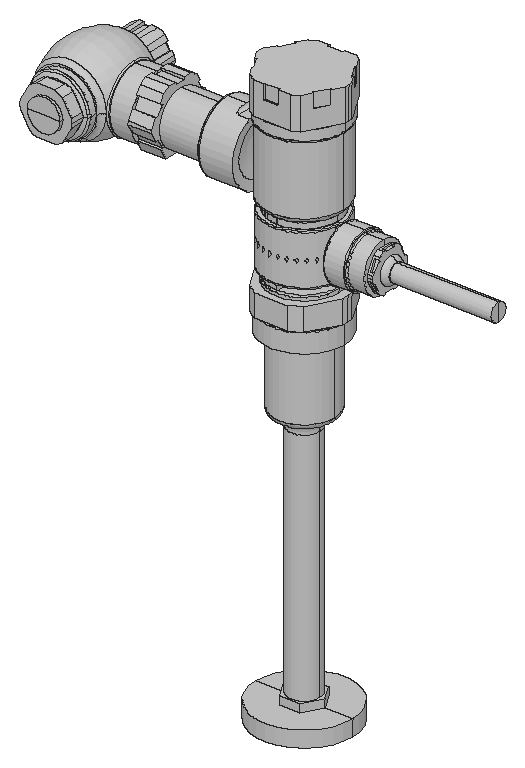
Revit family "SG0077453061BO", category Aparatos sanitarios, Revit 2019
Family settings
  Cota de conector redondo = Diámetro de uso
  Tipo de pieza = Normal
  Número OmniClass = 23.45.00.00
  Título OmniClass = Sanitary, Laundry, and Cleaning Equipment
  Se basa en plano de trabajo = Sí
  Siempre vertical = Sí
  Corte con vacíos al cargar = No
  Compartido = No
  Punto de cálculo de habitación = No
Parameters (values of type "FLUXÓMETRO SLOAN GEM2 186 HEU PARA URINARIO")
  Ø sanitario = 20 mm
  _EDESA_Revisado = "Calidad.Planos@edesa.com.ec"
  _EDESA_ Vida útil del cartucho = "150.000 ciclos"
  _EDESA_ Tolerancia dimensional = ""
  _EDESA_ Tipo de instalación = "Entrada superior de urinario"
  _EDESA_ Tipo = "simple"
  _EDESA_ Sku/código = "SG0077453061BO"
  _EDESA_ Profundidad en cm = 100 mm
  _EDESA_ Productos necesarios para instalación = ""
  _EDESA_ Productos incluídos = ""
  _EDESA_ Presión del agua recomendada = "35 psi (241 kPa) a 125 psi (860 kPa)"
  _EDESA_ Peso en kg = 0.00 kg
  _EDESA_ Nombre = "FLUXÓMETRO SLOAN GEM2 186 HEU PARA URINARIO"
  _EDESA_ Materiales = "Latón"
  _EDESA_ Marca = "BRIGGS"
  _EDESA_ Manual de Instalación = ""
  _EDESA_ Garantía = "De por vida para el cuerpo principal y acabado en cromo (306)"
  _EDESA_ Ficha Técnica = "https://www.briggs.com.ec/productos/fichastecnicaspdf/Briggs/Institucional/Fluxometro_GEM2_186_HEU_urinario.pdf"
  _EDESA_ Descripción = "Fluxómetro para urinario de entrada superior, de gran duración y cierre hermético, resistentes para lugares de alto tráfico."
  _EDESA_ Cumple normativa ADA = ""
  _EDESA_ Contacto comercial = "(02) 395 2900"
  _EDESA_ Consumo/capacidad de agua en L = ""
  _EDESA_ Consumo de agua = "1.9 litros por descarga"
  _EDESA_ Conexión hidráulica = "Entrada de agua: tubería ø 3/4\""
  _EDESA_ Color = "cromo"
  _EDESA_ Certificación = "Cumple con la norma ASME A112.1037 - 2015 / CSA B125.37-15 Performance"
  _EDESA_ Categoría = "Productos > Grifería > Institucional"
  _EDESA_ BIM Manager = "Ing. Evelyn Gavilanez"
  _EDESA_ Autor BIM = "http://www1.veraquintana.net/_sitevq/"
  _EDESA_ Ancho en cm = 260 mm
  _EDESA_ Alto en cm = 360 mm
  Uniformat II Description = ""
  Omniclass Code = ""
  Default Elevation = 1219.2 mm
  Cromo = Cromo
Reference planes
  plane 1 "Centro (Frontal/Posterior)": y = 0
  plane 2: z = 0
  plane 3 "Centro (Izquierda/Derecha)": x = 0
  plane 4 "x": y = 0
  plane 5 "y": x = 0
  plane 6 "cl": z = 306.042
Forms (mm)
  Revolve 1, solid, material "Cromo" <- "Cromo"
    sketch origin (0, 0, 0) x (1, 0, 0) y (0, 0, 1)
      loop
        line (0, 0) -> (0, 10) -> (-30, 10) -> (-30, 0) -> (0, 0)
      axis (0, 10) -> (0, 0)
    angle from 0 to 360
  Extrusion 2, solid, material "Cromo" <- "Cromo"
    sketch origin (0, 0, 0) x (1, 0, 0) y (0, 1, 0)
      loop
        line (-6.351, 11) -> (-12.702, 0) -> (-6.351, -11) -> (6.351, -11) -> (12.702, 0) -> (6.351, 11) -> (-6.351, 11)
    from 10 to 14.858
  Revolve 3, solid, material "Cromo" <- "Cromo"
    sketch origin (0, 0, 0) x (1, 0, 0) y (0, 0, 1)
      loop
        line (0, 14.858) -> (0, 162.058) -> (-9.655, 162.058) -> (-9.655, 14.858) -> (0, 14.858)
      axis (0, 162.058) -> (0, 14.858)
    angle from 0 to 360
  Revolve 4, solid, material "Cromo" <- "Cromo"
    sketch origin (0, 0, 0) x (1, 0, 0) y (0, 0, 1)
      loop
        line (0, 162.058) -> (0, 169.859) -> (-15.992, 169.859)
        arc (-15.992, 169.859) -> (-11.435, 167.086) -> (-9.655, 162.058) r 7.953
        line (-9.655, 162.058) -> (0, 162.058)
      axis (0, 169.859) -> (0, 162.058)
    angle from 0 to 360
  Revolve 5, solid, material "Cromo" <- "Cromo"
    sketch origin (0, 0, 0) x (1, 0, 0) y (0, 0, 1)
      loop
        line (0, 169.859) -> (0, 215.459) -> (-18.992, 215.459) -> (-18.992, 172.859)
        arc (-18.992, 172.859) -> (-18.113, 170.737) -> (-15.992, 169.859) r 3
        line (-15.992, 169.859) -> (0, 169.859)
      axis (0, 215.459) -> (0, 169.859)
    angle from 0 to 360
  Revolve 6, solid, material "Cromo" <- "Cromo"
    sketch origin (0, 0, 0) x (1, 0, 0) y (0, 0, 1)
      loop
        line (0, 227.959) -> (-24.462, 227.959)
        arc (-24.462, 227.959) -> (-24.837, 227.803) -> (-24.992, 227.428) r 0.53
        line (-24.992, 227.428) -> (-24.992, 215.459) -> (0, 215.459) -> (0, 227.959)
      axis (0, 227.959) -> (0, 215.459)
    angle from 0 to 360
  Revolve 7, solid, material "Cromo" <- "Cromo"
    sketch origin (0, 0, 0) x (1, 0, 0) y (0, 0, 1)
      loop
        line (0, 227.959) -> (0, 228.759) -> (-24.492, 228.759) -> (-24.492, 227.959) -> (0, 227.959)
      axis (0, 228.759) -> (0, 227.759)
    angle from 0 to 360
  Extrusion 8, solid, material "Cromo" <- "Cromo"
    sketch origin (0, 0, 0) x (1, 0, 0) y (0, 1, 0)
      loop
        circle (0, 0) r 27
    from 228.759 to 242.859
  Extrusion 9, void
    sketch origin (0, 0, 0) x (1, 0, 0) y (0, 1, 0)
      loop
        line (-14.434, 25) -> (-28.868, 0) -> (-14.434, -25) -> (14.434, -25) -> (28.868, 0) -> (14.434, 25) -> (-14.434, 25)
      loop
        line (-17.321, 30) -> (-34.641, 0) -> (-17.321, -30) -> (17.321, -30) -> (34.641, 0) -> (17.321, 30) -> (-17.321, 30)
    from 228.459 to 242.859
  Revolve 10, solid, material "Cromo" <- "Cromo"
    sketch origin (0, 0, 0) x (1, 0, 0) y (0, 0, 1)
      loop
        line (0, 242.859) -> (0, 244.859) -> (-21.492, 244.859) -> (-21.492, 242.859) -> (0, 242.859)
      axis (0, 244.859) -> (0, 242.859)
    angle from 0 to 360
  Revolve 11, solid, material "Cromo" <- "Cromo"
    sketch origin (0, 0, 0) x (1, 0, 0) y (0, 0, 1)
      loop
        line (0, 244.859) -> (0, 245.659) -> (-20.992, 245.659)
        arc (-20.992, 245.659) -> (-21.02, 245.12) -> (-21.492, 244.859) r 0.556
        line (-21.492, 244.859) -> (0, 244.859)
      axis (0, 245.659) -> (0, 244.659)
    angle from 0 to 360
  Revolve 12, solid, material "Cromo" <- "Cromo"
    sketch origin (0, 0, 0) x (1, 0, 0) y (0, 0, 1)
      loop
        line (0, 245.659) -> (0, 287.739) -> (-20.992, 287.739) -> (-20.992, 245.659) -> (0, 245.659)
      axis (0, 287.739) -> (0, 245.659)
    angle from 270 to 450
  Revolve 13, solid, material "Cromo" <- "Cromo"
    sketch origin (0, 0, 0) x (1, 0, 0) y (0, 0, 1)
      loop
        line (24.958, 266.687) -> (37.958, 266.687) -> (37.958, 282.687)
        arc (37.958, 282.687) -> (37.811, 283.041) -> (37.458, 283.187) r 0.5
        line (37.458, 283.187) -> (25.458, 283.187)
        arc (25.458, 283.187) -> (25.104, 283.041) -> (24.958, 282.687) r 0.5
        line (24.958, 282.687) -> (24.958, 266.687)
      axis (24.958, 266.687) -> (37.958, 266.687)
    angle from 0 to 360
  Extrusion 14, solid, material "Cromo" <- "Cromo"
    sketch origin (0, 0, -1.641) x (0, -1, 0) y (0, 0, 1)
      loop
        circle (0, 268.356) r 13
    from -52.958 to -48.958
  Revolve 15, solid, material "Cromo" <- "Cromo"
    sketch origin (0, 0, 0) x (1, 0, 0) y (0, 0, 1)
      loop
        line (37.958, 266.687) -> (48.958, 266.687) -> (48.958, 281.687) -> (38.958, 281.687)
        arc (38.958, 281.687) -> (38.251, 281.98) -> (37.958, 282.687) r 1
        line (37.958, 282.687) -> (37.958, 266.687)
      axis (37.958, 266.687) -> (48.958, 266.687)
    angle from 0 to 360
  Extrusion 16, void
    sketch origin (0, 0, -1.641) x (0, -1, 0) y (0, 0, 1)
      loop
        line (-11.021, 287.416) -> (-22.041, 268.328) -> (-11.021, 249.239) -> (11.021, 249.239) -> (22.041, 268.328) -> (11.021, 287.416) -> (-11.021, 287.416)
      loop
        line (-6.967, 280.397) -> (-13.934, 268.329) -> (-6.967, 256.262) -> (6.967, 256.262) -> (13.934, 268.329) -> (6.967, 280.397) -> (-6.967, 280.397)
    from -46.016 to -57.255
  Extrusion 17, void
    sketch origin (0, 0, -1.641) x (0, -1, 0) y (0, 0, 1)
      loop
        line (3.031, 280.993) -> (-3.538, 280.993) -> (-3.538, 279.592) -> (3.031, 279.592) -> (3.031, 280.993)
    from -73.359 to -50.807
  Extrusion 18, void
    sketch origin (0, -232.38, 132.524) x (0, -0.5, 0.866025) y (0, 0.866025, 0.5)
      loop
        line (3.031, 280.993) -> (-3.538, 280.993) -> (-3.538, 279.592) -> (3.031, 279.592) -> (3.031, 280.993)
    from -73.359 to -50.807
  Extrusion 19, void
    sketch origin (0, -232.38, 400.853) x (0, 0.5, 0.866025) y (0, 0.866025, -0.5)
      loop
        line (3.031, 280.993) -> (-3.538, 280.993) -> (-3.538, 279.592) -> (3.031, 279.592) -> (3.031, 280.993)
    from -73.359 to -50.807
  Extrusion 20, void
    sketch origin (0, 0, 535.018) x (0, 1, 0) y (0, 0, -1)
      loop
        line (3.031, 280.993) -> (-3.538, 280.993) -> (-3.538, 279.592) -> (3.031, 279.592) -> (3.031, 280.993)
    from -73.359 to -50.807
  Extrusion 21, void
    sketch origin (0, 232.38, 400.853) x (0, 0.5, -0.866025) y (0, -0.866025, -0.5)
      loop
        line (3.031, 280.993) -> (-3.538, 280.993) -> (-3.538, 279.592) -> (3.031, 279.592) -> (3.031, 280.993)
    from -73.359 to -50.807
  Extrusion 22, void
    sketch origin (0, 232.38, 132.524) x (0, -0.5, -0.866025) y (0, -0.866025, 0.5)
      loop
        line (3.031, 280.993) -> (-3.538, 280.993) -> (-3.538, 279.592) -> (3.031, 279.592) -> (3.031, 280.993)
    from -73.359 to -50.807
  Revolve 23, solid, material "Cromo" <- "Cromo"
    sketch origin (0, 0, 0) x (1, 0, 0) y (0, 0, 1)
      loop
        line (52.958, 266.715) -> (56.958, 266.715) -> (56.958, 272.187)
        arc (56.958, 272.187) -> (55.316, 274.011) -> (52.958, 274.687) r 4.45
        line (52.958, 274.687) -> (52.958, 266.715)
      axis (52.958, 266.715) -> (56.958, 266.715)
    angle from 0 to 360
  Revolve 24, solid, material "Cromo" <- "Cromo"
    sketch origin (0, 0, 0) x (1, 0, 0) y (0, 0, 1)
      loop
        line (56.958, 266.715) -> (119.958, 266.715) -> (119.958, 272.187) -> (56.958, 272.187) -> (56.958, 266.715)
      axis (56.958, 266.715) -> (119.958, 266.715)
    angle from 0 to 360
  Revolve 25, solid, material "Cromo" <- "Cromo"
    sketch origin (0, 0, 0) x (1, 0, 0) y (0, 0, 1)
      loop
        line (24.958, 266.687) -> (24.958, 281.687) -> (23.958, 281.687) -> (23.958, 266.687) -> (24.958, 266.687)
      axis (23.958, 266.687) -> (24.958, 266.687)
    angle from 0 to 360
  Revolve 26, solid, material "Cromo" <- "Cromo"
    sketch origin (0, 0, 0) x (1, 0, 0) y (0, 0, 1)
      loop
        line (0, 245.659) -> (12.038, 245.659) -> (12.038, 248.801)
        arc (12.038, 248.801) -> (12.527, 250.112) -> (13.756, 250.781) r 2
        arc (13.756, 250.781) -> (14.854, 250.898) -> (15.958, 250.937) r 15.619
        line (15.958, 250.937) -> (20.965, 250.937)
        arc (20.965, 250.937) -> (23.958, 266.696) -> (20.958, 282.453) r 42.934
        line (20.958, 282.453) -> (20.958, 285.937)
        arc (20.958, 285.937) -> (21.458, 287.26) -> (22.708, 287.921) r 2
        line (22.708, 287.921) -> (0, 287.921) -> (0, 245.659)
      axis (0, 287.921) -> (0, 245.659)
    angle from 0 to 360
  Revolve 27, solid, material "Cromo" <- "Cromo"
    sketch origin (0, 0, 0) x (1, 0, 0) y (0, 0, 1)
      loop
        line (23.458, 282.437) -> (0, 282.437) -> (0, 250.937) -> (23.458, 250.937)
        arc (23.458, 250.937) -> (23.811, 251.083) -> (23.958, 251.437) r 0.5
        line (23.958, 251.437) -> (23.958, 281.937)
        arc (23.958, 281.937) -> (23.811, 282.291) -> (23.458, 282.437) r 0.5
      axis (0, 250.937) -> (0, 282.437)
    angle from 0 to 360
  Revolve 28, solid, material "Cromo" <- "Cromo"
    sketch origin (0, 0, 0) x (1, 0, 0) y (0, 0, 1)
      loop
        line (0, 287.921) -> (22.708, 287.921)
        arc (22.708, 287.921) -> (23.958, 288.583) -> (24.458, 289.906) r 2
        line (24.458, 289.906) -> (24.458, 332.437)
        arc (24.458, 332.437) -> (24.605, 332.791) -> (24.958, 332.937) r 0.5
        line (24.958, 332.937) -> (0, 332.937) -> (0, 287.921)
      axis (0, 332.937) -> (0, 287.921)
    angle from 0 to 360
  Revolve 29, solid, material "Cromo" <- "Cromo"
    sketch origin (0, 0, 0) x (1, 0, 0) y (0, 0, 1)
      loop
        line (0, 332.937) -> (24.958, 332.937)
        arc (24.958, 332.937) -> (25.312, 333.083) -> (25.458, 333.437) r 0.5
        line (25.458, 333.437) -> (25.458, 339.937) -> (0, 339.937) -> (0, 332.937)
      axis (0, 339.937) -> (0, 332.937)
    angle from 0 to 360
  Extrusion 30, solid, material "Cromo" <- "Cromo"
    sketch origin (0, 0, 0) x (1, 0, 0) y (0, 1, 0)
      loop
        circle (0, 0.254) r 27.5
    from 339.937 to 359.937
  Extrusion 31, void
    sketch origin (0, 0, 0) x (1, 0, 0) y (0, 1, 0)
      loop
        line (-14.434, 25.254) -> (-28.868, 0.254) -> (-14.434, -24.746) -> (14.434, -24.746) -> (28.868, 0.254) -> (14.434, 25.254) -> (-14.434, 25.254)
      loop
        line (-20.207, 35.254) -> (-40.415, 0.254) -> (-20.207, -34.746) -> (20.207, -34.746) -> (40.415, 0.254) -> (20.207, 35.254) -> (-20.207, 35.254)
    from 339.937 to 359.937
  Extrusion 32, void
    sketch origin (0, 0, 0) x (1, 0, 0) y (0, 1, 0)
      loop
        line (5.021, 23.862) -> (5.021, 27.147) -> (-4.223, 27.147) -> (-4.223, 23.862) -> (5.021, 23.862)
    from 351.26 to 373.398
  Extrusion 33, void
    sketch origin (0, 0, 0) x (0.5, -0.866025, 0) y (0.866025, 0.5, 0)
      loop
        line (5.021, 23.862) -> (5.021, 27.147) -> (-4.223, 27.147) -> (-4.223, 23.862) -> (5.021, 23.862)
    from 351.26 to 373.398
  Extrusion 34, void
    sketch origin (0, 0, 0) x (-0.5, -0.866025, 0) y (0.866025, -0.5, 0)
      loop
        line (5.021, 23.862) -> (5.021, 27.147) -> (-4.223, 27.147) -> (-4.223, 23.862) -> (5.021, 23.862)
    from 351.26 to 373.398
  Extrusion 35, void
    sketch origin (0, 0, 0) x (-1, 0, 0) y (0, -1, 0)
      loop
        line (5.021, 23.862) -> (5.021, 27.147) -> (-4.223, 27.147) -> (-4.223, 23.862) -> (5.021, 23.862)
    from 351.26 to 373.398
  Extrusion 36, void
    sketch origin (0, 0, 0) x (-0.5, 0.866025, 0) y (-0.866025, -0.5, 0)
      loop
        line (5.021, 23.862) -> (5.021, 27.147) -> (-4.223, 27.147) -> (-4.223, 23.862) -> (5.021, 23.862)
    from 351.26 to 373.398
  Extrusion 37, void
    sketch origin (0, 0, 0) x (0.5, 0.866025, 0) y (-0.866025, 0.5, 0)
      loop
        line (5.021, 23.862) -> (5.021, 27.147) -> (-4.223, 27.147) -> (-4.223, 23.862) -> (5.021, 23.862)
    from 351.26 to 373.398
  Revolve 38, solid, material "Cromo" <- "Cromo"
    sketch origin (0, 0, 0) x (1, 0, 0) y (0, 0, 1)
      loop
        line (-49.542, 305.937) -> (-49.542, 322.437) -> (-76.542, 322.437) -> (-76.542, 305.937) -> (-49.542, 305.937)
      axis (-76.542, 305.937) -> (-49.542, 305.937)
    angle from 0 to 360
  Revolve 39, solid, material "Cromo" <- "Cromo"
    sketch origin (0, 0, 0) x (1, 0, 0) y (0, 0, 1)
      loop
        line (-49.542, 305.937) -> (-47.542, 305.937) -> (-47.542, 327.937) -> (-49.542, 325.937) -> (-49.542, 305.937)
      axis (-49.542, 305.937) -> (-47.542, 305.937)
    angle from 0 to 360
  Revolve 40, solid, material "Cromo" <- "Cromo"
    sketch origin (0, 0, 0) x (1, 0, 0) y (0, 0, 1)
      loop
        line (-47.542, 305.937) -> (-47.542, 283.937) -> (-26.542, 283.937) -> (-27.542, 289.906)
        arc (-27.542, 289.906) -> (-29.104, 297.851) -> (-29.533, 305.937) r 57.368
        line (-29.533, 305.937) -> (-47.542, 305.937)
      axis (-47.542, 305.937) -> (-26.542, 305.937)
    angle from 0 to 360
  Extrusion 41, void
    sketch origin (0, 0, 0) x (1, 0, 0) y (0, 0, 1)
      loop
        arc (-23.594, 325.937) -> (-22.369, 329.253) -> (-22.065, 332.774) r 13.25
        line (-22.065, 332.774) -> (-35.542, 333.405) -> (-35.542, 327.937)
        arc (-35.542, 327.937) -> (-34.956, 326.523) -> (-33.542, 325.937) r 2
        line (-33.542, 325.937) -> (-23.594, 325.937)
    from -49.463 to 33.38
  Extrusion 42, solid, material "Cromo" <- "Cromo"
    sketch origin (0, 0, -1.641) x (0, -1, 0) y (0, 0, 1)
      loop
        circle (0, 307.726) r 22
    from 76.542 to 91.086
  Extrusion 43, void
    sketch origin (0, 0, -1.641) x (0, -1, 0) y (0, 0, 1)
      loop
        line (-11.258, 328.078) -> (-22.517, 308.578) -> (-11.258, 289.078) -> (11.258, 289.078) -> (22.517, 308.578) -> (11.258, 328.078) -> (-11.258, 328.078)
      loop
        line (-13.836, 332.543) -> (-27.673, 308.578) -> (-13.836, 284.612) -> (13.836, 284.612) -> (27.673, 308.578) -> (13.836, 332.543) -> (-13.836, 332.543)
    from 72.768 to 98.464
  Extrusion 44, void
    sketch origin (0, 266.299, 153.586) x (0, -0.5, -0.866025) y (0, -0.866025, 0.5)
      loop
        line (-3.16, 328.322) -> (-3.16, 325.308) -> (3.95, 325.308) -> (3.95, 328.322) -> (-3.16, 328.322)
    from 64.405 to 98.767
  Extrusion 45, void
    sketch origin (0, 0.343, -0.36) x (0, -1, 0) y (0, 0, 1)
      loop
        line (-3.16, 328.322) -> (-3.16, 325.308) -> (3.95, 325.308) -> (3.95, 328.322) -> (-3.16, 328.322)
    from 64.405 to 98.767
  Extrusion 46, void
    sketch origin (0, -265.955, 152.991) x (0, -0.5, 0.866025) y (0, 0.866025, 0.5)
      loop
        line (-3.16, 328.322) -> (-3.16, 325.308) -> (3.95, 325.308) -> (3.95, 328.322) -> (-3.16, 328.322)
    from 64.405 to 98.767
  Extrusion 47, void
    sketch origin (0, -266.299, 460.288) x (0, 0.5, 0.866025) y (0, 0.866025, -0.5)
      loop
        line (-3.16, 328.322) -> (-3.16, 325.308) -> (3.95, 325.308) -> (3.95, 328.322) -> (-3.16, 328.322)
    from 64.405 to 98.767
  Extrusion 48, void
    sketch origin (0, -0.343, 614.234) x (0, 1, 0) y (0, 0, -1)
      loop
        line (-3.16, 328.322) -> (-3.16, 325.308) -> (3.95, 325.308) -> (3.95, 328.322) -> (-3.16, 328.322)
    from 64.405 to 98.767
  Extrusion 49, void
    sketch origin (0, 265.955, 460.883) x (0, 0.5, -0.866025) y (0, -0.866025, -0.5)
      loop
        line (-3.16, 328.322) -> (-3.16, 325.308) -> (3.95, 325.308) -> (3.95, 328.322) -> (-3.16, 328.322)
    from 64.405 to 98.767
  Revolve 50, solid, material "Cromo" <- "Cromo"
    sketch origin (0, 0, 0) x (1, 0, 0) y (0, 0, 1)
      loop
        line (-91.086, 306.042) -> (-91.086, 325.937) -> (-104.542, 325.937) -> (-104.542, 306.042) -> (-91.086, 306.042)
      axis (-104.542, 306.042) -> (-91.086, 306.042)
    angle from 0 to 360
  Revolve 51, solid, material "Cromo" <- "Cromo"
    sketch origin (0, 0, 0) x (1, 0, 0) y (0, 0, 1)
      loop
        line (-104.542, 306.042) -> (-104.542, 325.937)
        arc (-104.542, 325.937) -> (-105.101, 326.069) -> (-105.542, 326.437) r 1.25
        line (-105.542, 326.437) -> (-105.542, 306.042) -> (-104.542, 306.042)
      axis (-105.542, 306.042) -> (-104.542, 306.042)
    angle from 0 to 360
  Revolve 52, solid, material "Cromo" <- "Cromo"
    sketch origin (0, 0, 306.042) x (1, 0, 0) y (0, 1, 0)
      loop
        line (-128.779, -23.823) -> (-108.779, -23.823)
        arc (-108.779, -23.823) -> (-108.17, -21.706) -> (-106.529, -20.237) r 3.982
        line (-106.529, -20.237) -> (-128.779, -20.237) -> (-128.779, -23.823)
      axis (-128.779, -20.237) -> (-128.779, -23.823)
    angle from 0 to 360
  Revolve 53, solid, material "Cromo" <- "Cromo"
    sketch origin (0, 0, 306.042) x (1, 0, 0) y (0, 1, 0)
      loop
        line (-128.779, -23.823) -> (-128.779, -30.237) -> (-113.029, -30.237) -> (-110.779, -28.823) -> (-109.779, -27.823) -> (-109.779, -23.823) -> (-128.779, -23.823)
      axis (-128.779, -23.823) -> (-128.779, -30.237)
    angle from 0 to 360
  Revolve 54, solid, material "Cromo" <- "Cromo"
    sketch origin (0, 0, 306.042) x (1, 0, 0) y (0, 1, 0)
      loop
        line (-128.779, 20.763) -> (-150.279, 20.763)
        arc (-150.279, 20.763) -> (-155.779, 0.263) -> (-150.279, -20.237) r 40.955
        line (-150.279, -20.237) -> (-128.779, -20.237) -> (-128.779, 20.763)
      axis (-128.779, 20.763) -> (-128.779, -20.237)
    angle from 0 to 360
  Revolve 55, solid, material "Cromo" <- "Cromo"
    sketch origin (0, 0, 306.042) x (1, 0, 0) y (0, 1, 0)
      loop
        line (-128.779, 20.763) -> (-110.279, 20.763)
        arc (-110.279, 20.763) -> (-111.693, 21.349) -> (-112.279, 22.763) r 2
        line (-112.279, 22.763) -> (-128.779, 22.763) -> (-128.779, 20.763)
      axis (-128.779, 22.763) -> (-128.779, 20.763)
    angle from 0 to 360
  Revolve 56, solid, material "Cromo" <- "Cromo"
    sketch origin (0, 0, 306.042) x (1, 0, 0) y (0, 1, 0)
      loop
        line (-128.779, -38.237) -> (-128.779, -40.237) -> (-118.779, -40.237) -> (-118.779, -38.237) -> (-128.779, -38.237)
      axis (-128.779, -38.237) -> (-128.779, -40.237)
    angle from 0 to 360
  Extrusion 57, solid, material "Cromo" <- "Cromo"
    sketch origin (-129.404, 22.763, 306.042) x (1, 0, 0) y (0, 0, -1)
      loop
        circle (0.578, 0) r 16
    from 0 to 18
  Extrusion 58, void
    sketch origin (-129.404, 40.763, 306.042) x (1, 0, 0) y (0, 0, -1)
      loop
        line (11.566, -18.498) -> (22.246, 0) -> (11.566, 18.498) -> (-9.794, 18.498) -> (-20.473, 0) -> (-9.794, -18.498) -> (11.566, -18.498)
      loop
        line (9.238, -15) -> (17.898, 0) -> (9.238, 15) -> (-8.082, 15) -> (-16.743, 0) -> (-8.082, -15) -> (9.238, -15)
    from -22.072 to 8.916
  Extrusion 59, void
    sketch origin (-171.068, 40.763, 306.042) x (1, 0, 0) y (0, 0, -1)
      loop
        line (44.536, -15.517) -> (44.536, -13.745) -> (39.568, -13.745) -> (39.568, -15.517) -> (44.536, -15.517)
    from -22.072 to 8.916
  Extrusion 60, void
    sketch origin (-150.188, 40.763, 269.876) x (0.5, 0, 0.866025) y (0.866025, 0, -0.5)
      loop
        line (44.536, -15.517) -> (44.536, -13.745) -> (39.568, -13.745) -> (39.568, -15.517) -> (44.536, -15.517)
    from -22.072 to 8.916
  Extrusion 61, void
    sketch origin (-108.427, 40.763, 269.876) x (-0.5, 0, 0.866025) y (0.866025, 0, 0.5)
      loop
        line (44.536, -15.517) -> (44.536, -13.745) -> (39.568, -13.745) -> (39.568, -15.517) -> (44.536, -15.517)
    from -22.072 to 8.916
  Extrusion 62, void
    sketch origin (-87.546, 40.763, 306.042) x (-1, 0, 0) y (0, 0, 1)
      loop
        line (44.536, -15.517) -> (44.536, -13.745) -> (39.568, -13.745) -> (39.568, -15.517) -> (44.536, -15.517)
    from -22.072 to 8.916
  Extrusion 63, void
    sketch origin (-108.427, 40.763, 342.208) x (-0.5, 0, -0.866025) y (-0.866025, 0, 0.5)
      loop
        line (44.536, -15.517) -> (44.536, -13.745) -> (39.568, -13.745) -> (39.568, -15.517) -> (44.536, -15.517)
    from -22.072 to 8.916
  Extrusion 64, void
    sketch origin (-150.188, 40.763, 342.208) x (0.5, 0, -0.866025) y (-0.866025, 0, -0.5)
      loop
        line (44.536, -15.517) -> (44.536, -13.745) -> (39.568, -13.745) -> (39.568, -15.517) -> (44.536, -15.517)
    from -22.072 to 8.916
  Revolve 65, solid, material "Cromo" <- "Cromo"
    sketch origin (0, 5.722, 306.042) x (1, 0, 0) y (0, -1, 0)
      loop
        line (-128.779, 20.763) -> (-110.279, 20.763)
        arc (-110.279, 20.763) -> (-111.693, 21.349) -> (-112.279, 22.763) r 2
        line (-112.279, 22.763) -> (-128.779, 22.763) -> (-128.779, 20.763)
      axis (-128.779, 22.763) -> (-128.779, 20.763)
    angle from 0 to 360
  Extrusion 66, solid, material "Cromo" <- "Cromo"
    sketch origin (-128.779, -17.041, 306.667) x (0, 0, -1) y (1, 0, 0)
      loop
        circle (0.625, -0.047) r 16
    from 13.197 to 21.197
  Extrusion 67, void
    sketch origin (-128.779, -38.237, 306.667) x (0, 0, -1) y (1, 0, 0)
      loop
        line (-17.873, 10.941) -> (-17.873, -10.419) -> (0.625, -21.098) -> (19.123, -10.419) -> (19.123, 10.941) -> (0.625, 21.621) -> (-17.873, 10.941)
      loop
        line (-14.375, 8.613) -> (-14.375, -8.707) -> (0.625, -17.368) -> (15.625, -8.707) -> (15.625, 8.613) -> (0.625, 17.273) -> (-14.375, 8.613)
    from -8 to 8.916
  Extrusion 68, void
    sketch origin (-128.779, -38.237, 348.331) x (0, 0, -1) y (1, 0, 0)
      loop
        line (26.772, 2.247) -> (26.772, -2.721) -> (28.544, -2.721) -> (28.544, 2.247) -> (26.772, 2.247)
    from -22.072 to 8.916
  Extrusion 69, void
    sketch origin (-92.613, -38.237, 327.451) x (-0.866025, 0, -0.5) y (0.5, 0, -0.866025)
      loop
        line (47.838, -14.632) -> (52.14, -12.148) -> (51.254, -10.613) -> (46.951, -13.097) -> (47.838, -14.632)
    from -22.072 to 8.916
  Extrusion 70, void
    sketch origin (-92.613, -38.237, 285.69) x (-0.866025, 0, 0.5) y (-0.5, 0, -0.866025)
      loop
        line (52.116, 12.772) -> (47.813, 15.256) -> (46.927, 13.721) -> (51.23, 11.237) -> (52.116, 12.772)
    from -22.072 to 8.916
  Extrusion 71, void
    sketch origin (-128.779, -38.237, 264.809) x (0, 0, 1) y (-1, 0, 0)
      loop
        line (25.715, 3.303) -> (25.715, -1.665) -> (27.488, -1.665) -> (27.488, 3.303) -> (25.715, 3.303)
    from -22.072 to 8.916
  Extrusion 72, void
    sketch origin (-164.945, -38.237, 285.69) x (0.866025, 0, 0.5) y (-0.5, 0, 0.866025)
      loop
        line (46.395, -15.019) -> (50.697, -12.535) -> (49.811, -11) -> (45.508, -13.484) -> (46.395, -15.019)
    from -22.072 to 8.916
  Extrusion 73, void
    sketch origin (-164.945, -38.237, 327.451) x (0.866025, 0, -0.5) y (0.5, 0, 0.866025)
      loop
        line (51.729, 11.329) -> (47.427, 13.813) -> (46.54, 12.278) -> (50.843, 9.794) -> (51.729, 11.329)
    from -22.072 to 8.916
  Revolve 74, solid, material "Cromo" <- "Cromo"
    sketch origin (0, 0, 306.042) x (1, 0, 0) y (0, 1, 0)
      loop
        line (-129.016, 40.763) -> (-115.016, 40.763)
        arc (-115.016, 40.763) -> (-121.911, 42.502) -> (-129.016, 42.763) r 33.845
        line (-129.016, 42.763) -> (-129.016, 40.763)
      axis (-129.016, 42.763) -> (-129.016, 40.763)
    angle from 0 to 360
Cuts and joins
  Extrusion 9 cuts Extrusion 8
  Extrusion 16, Extrusion 17, Extrusion 18, Extrusion 19, Extrusion 20, Extrusion 21, Extrusion 22 cuts Extrusion 14
  Extrusion 31, Extrusion 32, Extrusion 33, Extrusion 34, Extrusion 35, Extrusion 36, Extrusion 37 cuts Extrusion 30
  Extrusion 41 cuts Revolve 40
  Extrusion 43, Extrusion 44, Extrusion 45, Extrusion 46, Extrusion 47, Extrusion 48, Extrusion 49 cuts Extrusion 42
  Extrusion 58, Extrusion 59, Extrusion 60, Extrusion 61, Extrusion 62, Extrusion 63, Extrusion 64, Extrusion 67, Extrusion 68, Extrusion 69, Extrusion 70, Extrusion 71, Extrusion 72, Extrusion 73 cuts Extrusion 57
  Extrusion 59, Extrusion 60, Extrusion 61, Extrusion 62, Extrusion 63, Extrusion 64, Extrusion 68, Extrusion 69, Extrusion 70, Extrusion 71, Extrusion 72, Extrusion 73 cuts Revolve 54
  Extrusion 60, Extrusion 61, Extrusion 62, Extrusion 63, Extrusion 64, Extrusion 67, Extrusion 68, Extrusion 69, Extrusion 70, Extrusion 71, Extrusion 72, Extrusion 73 cuts Revolve 55
  Extrusion 67 cuts Revolve 65
  Extrusion 67 cuts Extrusion 66
Dimensions and locks
  aligned and locked: level to plane 2
Connectors
  piping at (-128.779, -40.237, 306.042), diameter 20, driven by "Ø sanitario"
    settings: on Revolve 56, index 1, connector inside diameter 609.6 mm, connector length 0 mm, flow factor 0, pipe flow 1.9 L/s, pressure drop 0.0 Pa, fitting loss kfactor 0, connector angle 0.00°, fixture units 0, engagement length 0 mm, angle of deflection 0.00°, flow configuration 0, flow direction 1, fitting loss method 0, system type 20, joint type 0, gender type 0, connector reference index -1, connector utility 0, adjustable connector no, is connector primary yes, connector description ""
